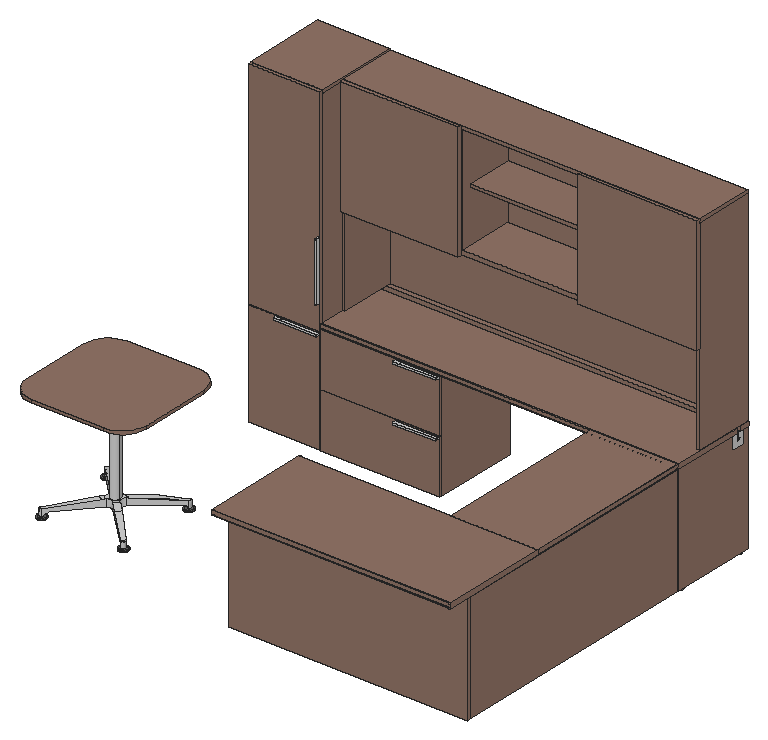
Revit family "FLV007", category Furniture, Revit 2015 (continued)
Definition of nested family "JSI-Flux-File_Ped_Crednz"
  Dimensions and locks (in)
    aligned and locked: Extrusion 1 sketch curve to plane 24  (x2)
    aligned and locked: Extrusion 9 sketch curve to plane 52
    aligned and locked: Extrusion 9 sketch curve to plane 53
    aligned and locked: Extrusion 9 sketch curve to plane 2 "Center (Left/Right)"
    aligned and locked: Extrusion 10 sketch curve to plane 30
    aligned and locked: Extrusion 10 sketch curve to plane 24
    aligned and locked: Extrusion 10 sketch curve to plane 33
    aligned and locked: Extrusion 10 sketch curve to plane 20
    aligned and locked: Extrusion 10 to plane 9
    aligned and locked: plane 13 to Extrusion 10
    aligned and locked: Extrusion 1 sketch curve to plane 6
    aligned and locked: Extrusion 1 sketch curve to plane 20
    aligned and locked: plane 13 to Extrusion 11 sketch curve
    aligned and locked: plane 12 to Extrusion 11 sketch curve
    aligned and locked: plane 22 to Extrusion 11 sketch curve
    aligned and locked: plane 21 to Extrusion 11 sketch curve
    aligned and locked: plane 33 to Extrusion 11
    aligned and locked: Extrusion 11 to plane 30
    aligned and locked: plane 13 to Extrusion 12 sketch curve
    aligned and locked: plane 17 to Extrusion 12 sketch curve
    aligned and locked: plane 21 to Extrusion 12 sketch curve
    aligned and locked: plane 20 to Extrusion 12 sketch curve
    aligned and locked: plane 18 to Extrusion 13 sketch curve
    aligned and locked: plane 12 to Extrusion 13 sketch curve
    aligned and locked: plane 20 to Extrusion 13 sketch curve
    aligned and locked: plane 21 to Extrusion 13 sketch curve
    aligned and locked: plane 33 to Extrusion 13
    aligned and locked: plane 33 to Extrusion 12
    aligned and locked: Extrusion 13 to plane 30
    aligned and locked: Extrusion 12 to plane 30
    aligned and locked: Extrusion 15 sketch curve to plane 42
    aligned and locked: Extrusion 15 sketch curve to plane 11
    aligned and locked: Extrusion 15 sketch curve to plane 41
    aligned and locked: Extrusion 15 sketch curve to plane 12
    aligned and locked: plane 43 to Extrusion 15
    aligned and locked: Extrusion 15 to plane 64
    aligned and locked: Extrusion 16 sketch curve to plane 42
    aligned and locked: Extrusion 16 sketch curve to plane 11
    aligned and locked: Extrusion 16 sketch curve to plane 41
    aligned and locked: Extrusion 16 sketch curve to plane 12
    aligned and locked: plane 63 to Extrusion 16
    aligned and locked: Extrusion 16 to plane 39
    aligned and locked: nested 1 to plane 65
    aligned and locked: nested 3 to plane 65
    aligned and locked: plane 66 to nested 3
    aligned and locked: nested 1 to plane 11  (x2)
    aligned and locked: plane 11 to nested 3
    aligned and locked: nested 3 to plane 11
    aligned and locked: Extrusion 17 sketch curve to plane 35
    aligned and locked: Extrusion 17 sketch curve to plane 27
    aligned and locked: Extrusion 17 sketch curve to plane 57
    aligned and locked: Extrusion 17 sketch curve to plane 58
    aligned and locked: Extrusion 17 to plane 3 "Center (Front/Back)"
    aligned and locked: plane 13 to Extrusion 17
    aligned and locked: Extrusion 18 sketch curve to Extrusion 14  (x9)
    aligned and locked: Extrusion 18 to plane 5
    aligned and locked: plane 40 to Extrusion 18
    aligned and locked: plane 2 "Center (Left/Right)" to curve 6
    aligned and locked: plane 2 "Center (Left/Right)" to curve 5
    aligned and locked: plane 25 to Extrusion 19 sketch curve
    aligned and locked: plane 24 to Extrusion 19 sketch curve
    aligned and locked: plane 12 to Extrusion 19 sketch curve
    aligned and locked: plane 16 to Extrusion 19 sketch curve
    aligned and locked: plane 33 to Extrusion 19
    aligned and locked: Extrusion 19 to plane 30
    aligned and locked: plane 68 to Extrusion 14
    aligned and locked: Extrusion 14 to plane 69
    aligned and locked: plane 70 to Extrusion 2
    aligned and locked: plane 67 to cut or joined group of Extrusion 3, Extrusion 9
    aligned and locked: curve 3 to plane 67
    aligned and locked: plane 67 to Extrusion 9
    aligned and locked: plane 24 to Extrusion 20 sketch curve
    aligned and locked: plane 11 to Extrusion 20 sketch curve
    aligned and locked: plane 6 to Extrusion 20 sketch curve
    aligned and locked: plane 20 to Extrusion 20 sketch curve
    aligned and locked: plane 51 to Extrusion 20 sketch curve
    aligned and locked: plane 16 to Extrusion 20 sketch curve
    aligned and locked: plane 26 to Extrusion 20 sketch curve
    aligned and locked: Extrusion 20 to plane 71
    aligned and locked: plane 74 to Extrusion 20
    aligned and locked: Extrusion 21 sketch curve to plane 72
    aligned and locked: Extrusion 21 sketch curve to plane 73
    aligned and locked: Extrusion 21 sketch curve to plane 9
    aligned and locked: Extrusion 21 sketch curve to plane 13
    aligned and locked: plane 24 to Extrusion 21
    aligned and locked: Extrusion 21 to plane 20
    aligned and locked: plane 55 to Extrusion 9
    aligned and locked: Extrusion 9 to plane 54
    aligned and locked: Extrusion 9 to plane 52
    aligned and locked: plane 53 to Extrusion 9
    aligned and locked: plane 1 to Extrusion 22
    aligned and locked: plane 1 to Extrusion 23
    aligned and locked: plane 20 to Extrusion 23
    aligned and locked: plane 20 to Extrusion 22
    aligned and locked: Extrusion 24 to plane 1
    aligned and locked: plane 20 to Extrusion 24
    aligned and locked: plane 78 to nested 2
    aligned and locked: curve 7 to plane 31
    aligned and locked: curve 8 to plane 30
    aligned and locked: curve 9 to plane 6
    aligned and locked: curve 10 to plane 12
    aligned and locked: curve 11 to plane 33
    aligned and locked: curve 12 to plane 7
    aligned and locked: curve 13 to plane 6
    aligned and locked: curve 14 to plane 12
    aligned and locked: plane 30 to curve 15
    aligned and locked: plane 33 to curve 16
    aligned and locked: plane 33 to curve 15
    aligned and locked: curve 17 to plane 9
    aligned and locked: curve 18 to plane 13
    aligned and locked: curve 19 to plane 72
    aligned and locked: curve 20 to plane 73
    aligned and locked: curve 22 to plane 74
    aligned and locked: curve 23 to plane 6
    aligned and locked: curve 24 to plane 11
    aligned and locked: curve 21 to plane 71
  Automatic sketch dimensions
    plane 14 to Extrusion 4 sketch curve = 0' - 0"
    Extrusion 4 sketch curve to plane 47 = 0' - 0"
    plane 46 to Extrusion 5 sketch curve = 0' - 0"
    Extrusion 5 sketch curve to plane 47 = 0' - 0"
    Extrusion 3 sketch curve to plane 11 = 0' - 0"  (x2)
    Extrusion 3 sketch curve to plane 9 = 0' - 0"  (x2)
    Extrusion 1 sketch curve to plane 15 = 0' - 0"
    Extrusion 1 sketch curve to plane 14 = 0' - 0"
    Extrusion 8 sketch curve to plane 15 = 0' - 0"
    Extrusion 8 sketch curve to plane 14 = 0' - 0"
    Extrusion 8 sketch curve to plane 24 = 0' - 0"  (x2)
    plane 14 to Extrusion 6 sketch curve = 0' - 0"
    Extrusion 6 sketch curve to plane 56 = 0' - 0"
    plane 46 to Extrusion 7 sketch curve = 0' - 0"
    Extrusion 7 sketch curve to plane 56 = 0' - 0"
    Extrusion 14 sketch curve to plane 16 = 0' - 0"
    Extrusion 14 sketch curve to plane 24 = 0' - 0"  (x2)
    Extrusion 14 sketch curve to plane 62 = 0' - 0"
    Extrusion 14 sketch curve to plane 59 = 0' - 0"
    Extrusion 14 sketch curve to plane 60 = 0' - 0"
    Extrusion 14 sketch curve to plane 61 = 0' - 0"
    Extrusion 14 sketch curve to plane 14 = 0' - 0"
    Extrusion 14 sketch curve to plane 26 = 0' - 0"
    Extrusion 14 sketch curve to plane 25 = 0' - 0.13664"  (x2)
    plane 28 to Extrusion 17 sketch curve = 0' - 0 5/8"
    Extrusion 17 sketch curve to Extrusion 17 sketch curve = 0' - 0"
    Extrusion 17 sketch curve to plane 58 = 0' - 1"  (x2)
    plane 53 to curve 6 = 0' - 0"
    plane 52 to curve 5 = 0' - 0"
    plane 4 to Extrusion 9 sketch curve = 5' - 5 7/8"
    Extrusion 20 sketch curve to plane 24 = 0' - 0"
    Extrusion 20 sketch curve to plane 15 = 0' - 0"
    Extrusion 20 sketch curve to plane 14 = 0' - 0"
    plane 14 to Extrusion 22 sketch curve = 0' - 0"
    Extrusion 22 sketch curve to plane 75 = 0' - 0"
    plane 46 to Extrusion 23 sketch curve = 0' - 0"
    Extrusion 23 sketch curve to plane 75 = 0' - 0"
    Extrusion 24 sketch curve to plane 76 = 0' - 0"
    plane 77 to Extrusion 24 sketch curve = 0' - 0"
    plane 13 to curve 16 = 0' - 0"
    plane 9 to curve 15 = 0' - 0"
  Nested families (in)
    nested 1: "Bar Pull C" at (-14.94689, -11.125, 27.48437), Pull Finish <- "Pull Finish", type "PL"
      with Pull Finish none, Stud 0' - 1.54911", Pull Width 0' - 10 27/32"
    nested 2: "Label 1-16" at (-21.00163, -11.25, 0), type "DRWCFG"
    nested 3: "Bar Pull C" at (-14.94689, -11.125, 13.79688), Pull Finish <- "Pull Finish", type "PL"
      with Pull Finish none, Stud 0' - 1.54911", Pull Width 0' - 10 27/32"
  Definition of nested family "Bar Pull C"
    Parameters
      Stud = Pull Width / 7  # 0' - 1.26339"
      Pull Width = 0' - 8 27/32"
      Pull Line [instance] = yes
      Pull Finish [instance] = none
    Reference planes (in)
      plane 1 "Center Front/Back": y = 0
      plane 2: z = 0
      plane 3 "Center Left/Right": x = 3.24213
      plane 4: y = -0.125
    Forms (in)
      Extrusion 1, solid, material <- "Pull Finish"
        sketch origin (0, 0, 0) x (1, 0, 0) y (0, 1, 0)
          loop
            line (-1.17975, 0) -> (-1.17975, -0.85113)
            arc (-1.17975, -0.85113) -> (-1.15229, -0.91742) -> (-1.086, -0.94488) r 0.09375
            line (-1.086, -0.94488) -> (7.58526, -0.94488)
            arc (7.58526, -0.94488) -> (7.64094, -0.92182) -> (7.664, -0.86614) r 0.07874
            line (7.664, -0.86614) -> (7.664, 0) -> (6.40061, 0) -> (6.40061, -0.70177)
            arc (6.40061, -0.70177) -> (6.364, -0.79016) -> (6.27561, -0.82677) r 0.125
            line (6.27561, -0.82677) -> (0.20864, -0.82677)
            arc (0.20864, -0.82677) -> (0.12026, -0.79016) -> (0.08364, -0.70177) r 0.125
            line (0.08364, -0.70177) -> (0.08364, 0) -> (-1.17975, 0)
        from -0.43307 to -0.11811
      Extrusion 2, solid, material <- "Pull Finish"
        sketch origin (0, 0, 0) x (1, 0, 0) y (0, 1, 0)
          loop
            line (-1.17975, 0) -> (-1.17975, -0.85113)
            arc (-1.17975, -0.85113) -> (-1.15229, -0.91742) -> (-1.086, -0.94488) r 0.09375
            line (-1.086, -0.94488) -> (7.58526, -0.94488)
            arc (7.58526, -0.94488) -> (7.64094, -0.92182) -> (7.664, -0.86614) r 0.07874
            line (7.664, -0.86614) -> (7.664, 0) -> (-1.17975, 0)
        from 0 to -0.11811
    Cuts and joins
      joined: Extrusion 1, Extrusion 2
    Lines and regions (in)
      symbolic lines, visible <- "Pull Line"
        curve 1: line (-1.17975, -0.125, 0) -> (-1.17975, -0.85113, 0)
        curve 2: line (7.664, -0.86614, 0) -> (7.664, -0.125, 0)
        curve 3: line (-1.086, -0.94488, 0) -> (7.58526, -0.94488, 0)
        curve 4: arc (-1.17975, -0.85113, 0) -> (-1.15229, -0.91742, 0) -> (-1.086, -0.94488, 0) r 0.09375
        curve 5: arc (7.58526, -0.94488, 0) -> (7.64094, -0.92182, 0) -> (7.664, -0.86614, 0) r 0.07874
    Dimensions and locks (in)
      equal spacing: Extrusion 1 sketch curve, plane 3 "Center Left/Right", Extrusion 1 sketch curve
      "Stud": Extrusion 1 sketch curve to Extrusion 1 sketch curve  (x2)
      "Pull Width": Extrusion 1 sketch curve to Extrusion 1 sketch curve
      locked: plane 4 to plane 1 "Center Front/Back" at 0.125
      aligned and locked: level to plane 2
      aligned and locked: Extrusion 2 sketch curve to Extrusion 1  (x2)
      aligned and locked: cut or joined group of Extrusion 1, Extrusion 2 to curve 1
      aligned and locked: curve 4 to cut or joined group of Extrusion 1, Extrusion 2
      aligned and locked: curve 5 to cut or joined group of Extrusion 1, Extrusion 2
      aligned and locked: plane 4 to curve 1
      aligned and locked: plane 4 to curve 2
    Automatic sketch dimensions
      plane 1 "Center Front/Back" to Extrusion 2 sketch curve = 0' - 0"
      plane 1 "Center Front/Back" to Extrusion 1 sketch curve = 0' - 0"  (x2)
      Extrusion 1 sketch curve to Extrusion 1 sketch curve = 0' - 0 3/32"
      Extrusion 1 sketch curve to Extrusion 1 sketch curve = 0' - 0 1/8"  (x2)
      Extrusion 1 sketch curve to Extrusion 1 sketch curve = 0' - 0.07874"
      plane 4 to Extrusion 1 sketch curve = 0' - 0.57677"
      plane 4 to Extrusion 1 sketch curve = 0' - 0.72613"
  Definition of nested family "Label 1-16"
    Parameters
      Model Name = "LOW DOOR"
    Reference planes (in)
      plane 1: y = 0
      plane 2: x = 0
    Text (in)
      label "XX" at (0.00051, -0.12324, 0), shows "Model Name"
Definition of nested family "JSI-Flux-Dbl_Ht_OH_Cab_Sldng_Dr"
  Parameters (values of type "Type Catalog - Dbl Ht Strg OH Cab, Sldng Dr")
    Wiring Hole Dist = if(Door Adjust > 3, 1' 6", 0' 9")  # 1' - 6"
    Top = none
    Width = 7' - 11 7/8"
    URL = "www.jsifurniture.com"
    Type Comments = ""
    TAG = if(Width > 6' 6", "1 Door - Open - 1 Door", "1 Door - Open")  # "1 Door - Open - 1 Door"
    Shelf Width_L = ((Partition Distance_L) - 0' 0 3/4")  # 2' - 6 13/16"
    Shelf Width_R = ((Partition Distance_L) - 0' 0 3/4")  # 2' - 6 13/16"
    Shelf Dist_R = if(Door Adjust = 6, (Shelf Width_L + Shelf Width_Central + (0' 0 3/4" * 3)), (Shelf Width_L + (0' 0 3/4" * 2)))  # 5' - 4 5/16"
    Shelf Dist_L = 0' - 0 3/4"
    Shelf Dist_C = if(Door Adjust = 6, (Partition Distance_L + 0' 0 3/4"), (if(Door Adjust = 4, 0' 0 3/4", (Partition Distance_L + 0' 0 3/4"))))  # 2' - 8 5/16"
    Shelf = none
    Series = "FLUX"  # constant formula
    Part-R = yes
    Part-L = yes
    Partition Distance_R = if(Door Adjust > 4, ((Door Adjust Width * 2) + 0' 0 1/8" - 0' 0 5/16"), ((Width / 2) - 0' 0 3/8"))  # 2' - 7 9/16"
    Partition Distance_L = if(Door Adjust > 4, ((Door Adjust Width * 2) + 0' 0 1/8" - 0' 0 5/16"), ((Width / 2) - 0' 0 3/8"))  # 2' - 7 9/16"
    OH Elevation = 2' - 5"
    Model = ""
    Manufacturer = "JSI"  # constant formula
    Level of Base Shelve = 1' - 11"
    Keynote = "12500"
    JSI Enviromental Website = "http://www.jsifurniture.com/jsi_sustainability_intro.php"
    Height = 4' - 4"
    Door Width = Partition Distance_L + 0' 0 5/16"  # 2' - 7 7/8"
    Door Array Dist = if(Door Adjust > 4, Shelf Dist_R - 0' 0 5/16", 0' 0")  # 5' - 4"
    Door Adjust Width = (Width - (0' 0 1/8" * (Door Adjust - 1))) / Door Adjust  # 1' - 3 7/8"
    Shelf Width_Central = if(Door Adjust > 4, (Width - (Shelf Width_L * 2) - 0' 3"), Shelf Width_L)  # 2' - 7 1/4"
    Back Panel = none
    Door Front = none
    Description = ""
    Depth = 1' - 3 7/8"
    Chassis = none
    Assembly Code = "E2020200"
    Door Adjust = if(Width > 6' 6", 6, if(Width > 4' 6", 4, (if(Width > 3' 0", 3, 2))))  # 6
    # of Doors = 2
  Reference planes (in)
    plane 1: z = 0
    plane 2 "Center (Left/Right)": x = -36.06413
    plane 3 "Center (Front/Back)": y = 10.75
    plane 4: y = 10
    plane 5: x = -35.31413
    plane 6: x = 59.81087
    plane 7: x = 59.06087
    plane 8: x = -4.50163
    plane 9: x = -3.75163
    plane 10: x = 28.24837
    plane 11: x = 27.49837
    plane 12: y = -5.0625
    plane 13: y = -4.3125
    plane 14: y = -4.25
    plane 15: y = -2.0625
    plane 16: y = -5.125
    plane 17: x = 11.87337
    plane 18: z = 29
    plane 19: z = 52
    plane 20: z = 53.1875
    plane 21: z = 51.75
    plane 22: z = 66.34375
    plane 23: z = 67.09375
    plane 24: z = 80.25
    plane 25: z = 81
    plane 26: z = 66.71875
    plane 27: y = 9.9375
    plane 28: y = 10.6875
    plane 29: x = -20.18913
    plane 30: x = -20.06413
    plane 31: z = 51.5
    plane 32: x = -35.31413
    plane 33: x = -4.50163
    plane 34: x = -3.75163
    plane 35: x = 28.24837
    plane 36: x = 27.49837
    plane 37: x = 59.06087
    plane 38: x = -18.06413
    plane 39: x = 41.81087
    plane 40: x = 43.93587
    plane 41: x = 43.81087
  Forms (in)
    Extrusion 1, solid, material <- "Chassis"
      sketch origin (0, 0, 0) x (1, 0, 0) y (0, 1, 0)
        loop
          line (-36.06413, 10.75) -> (-36.06413, -4.25) -> (-35.31413, -4.25) -> (-35.31413, 10.75) -> (-36.06413, 10.75)
      from 29 to 80.25
    Extrusion 2, solid, material <- "Chassis"
      sketch origin (0, 0, 0) x (1, 0, 0) y (0, 1, 0)
        loop
          line (59.06087, 10.75) -> (59.06087, -4.25) -> (59.81087, -4.25) -> (59.81087, 10.75) -> (59.06087, 10.75)
      from 29 to 80.25
    Extrusion 3, solid, material <- "Top"
      sketch origin (0, 0, 0) x (1, 0, 0) y (0, 0, 1)
        loop
          line (-36.06413, 80.25) -> (59.81087, 80.25) -> (59.81087, 81) -> (-36.06413, 81) -> (-36.06413, 80.25)
      from -10.75 to 4.25
    Extrusion 4, solid, material <- "Shelf"
      sketch origin (0, 0, 0) x (1, 0, 0) y (0, 0, 1)
        loop
          line (-35.31413, 53.1875) -> (-35.31413, 52) -> (59.06087, 52) -> (59.06087, 53.1875) -> (-35.31413, 53.1875)
      from -9.9375 to 4.25
    Extrusion 5, solid, material <- "Shelf"
      sketch origin (15.13982, 0, 0) x (1, 0, 0) y (0, 0, 1)
        loop
          line (-50.45396, 67.09375) -> (-50.45396, 66.34375) -> (-19.64146, 66.34375) -> (-19.64146, 67.09375) -> (-50.45396, 67.09375)
      from -9.9375 to 2.0625
    Extrusion 6, solid, material <- "Shelf"
      sketch origin (15.13982, 0, 0) x (1, 0, 0) y (0, 0, 1)
        loop
          line (-18.89146, 67.09375) -> (-18.89146, 66.34375) -> (12.35854, 66.34375) -> (12.35854, 67.09375) -> (-18.89146, 67.09375)
      from -9.9375 to 2.0625
    Extrusion 7, solid, material <- "Shelf"
      sketch origin (15.13982, 0, 0) x (1, 0, 0) y (0, 0, 1)
        loop
          line (13.10854, 67.09375) -> (13.10854, 66.34375) -> (43.92104, 66.34375) -> (43.92104, 67.09375) -> (13.10854, 67.09375)
      from -9.9375 to 2.0625
    Extrusion 8, solid, material <- "Back Panel"
      sketch origin (0, 0, 0) x (1, 0, 0) y (0, 0, 1)
        loop
          line (-35.31413, 80.25) -> (-35.31413, 29) -> (59.06087, 29) -> (59.06087, 80.25) -> (-35.31413, 80.25)
        loop
          circle (-18.06413, 51.5) r 0.3125
        loop
          circle (41.81087, 51.5) r 0.3125
      from -10.75 to -9.9375
    Extrusion 9, solid, material <- "Chassis", visible <- "Part-L"
      sketch origin (0, 0, 0) x (1, 0, 0) y (0, 1, 0)
        loop
          line (-4.50163, 9.9375) -> (-4.50163, -4.25) -> (-3.75163, -4.25) -> (-3.75163, 9.9375) -> (-4.50163, 9.9375)
      from 53.1875 to 80.25
    Extrusion 10, solid, material <- "Chassis", visible <- "Part-R"
      sketch origin (0, 0, 0) x (1, 0, 0) y (0, 1, 0)
        loop
          line (27.49837, 9.9375) -> (27.49837, -4.25) -> (28.24837, -4.25) -> (28.24837, 9.9375) -> (27.49837, 9.9375)
      from 53.1875 to 80.25
    Extrusion 11, solid, material <- "Door Front"
      sketch origin (16, 0, 0) x (1, 0, 0) y (0, 0, 1)
        loop
          line (-52.06413, 81) -> (-52.06413, 51.75) -> (-20.18913, 51.75) -> (-20.18913, 81) -> (-52.06413, 81)
      from 4.3125 to 5.125
    Extrusion 12, solid, material <- "Door Front"
      sketch origin (80, 0, 0) x (1, 0, 0) y (0, 0, 1)
        loop
          line (-52.06413, 81) -> (-52.06413, 51.75) -> (-20.18913, 51.75) -> (-20.18913, 81) -> (-52.06413, 81)
      from 4.3125 to 5.125
  Lines and regions (in)
    symbolic lines
      curve 1: line (-36.06413, 10.75, 0) -> (-36.06413, -4.25, 0)
      curve 2: line (59.81087, 10.75, 0) -> (-36.06413, 10.75, 0)
      curve 3: line (59.81087, 10.75, 0) -> (59.81087, -4.25, 0)
      curve 4: line (59.81087, -4.25, 0) -> (-36.06413, -4.25, 0)
      curve 5: line (-36.06413, -4.3125, 0) -> (-36.06413, -5.125, 0)
      curve 6: line (-4.18913, -4.3125, 0) -> (-36.06413, -4.3125, 0)
      curve 7: line (-4.18913, -5.125, 0) -> (-36.06413, -5.125, 0)
      curve 8: line (-4.18913, -5.125, 0) -> (-4.18913, -4.3125, 0)
      curve 9: line (27.93587, -4.3125, 0) -> (27.93587, -5.125, 0)
      curve 10: line (59.81087, -4.3125, 0) -> (27.93587, -4.3125, 0)
      curve 11: line (59.81087, -5.125, 0) -> (27.93587, -5.125, 0)
      curve 12: line (59.81087, -5.125, 0) -> (59.81087, -4.3125, 0)
    symbolic lines, detail levels medium+fine
      curve 13: line (59.06087, 10.6875, 0) -> (59.06087, -4.25, 0)
      curve 14: line (-35.31413, 10.6875, 0) -> (-35.31413, -4.25, 0)
      curve 15: line (59.06087, 9.9375, 0) -> (-35.31413, 9.9375, 0)
      curve 16: line (59.06087, 10.6875, 0) -> (-35.31413, 10.6875, 0)
    symbolic lines, visible <- "Part-L", detail levels medium+fine
      curve 17: line (-3.75163, -4.25, 0) -> (-3.75163, 9.9375, 0)
      curve 18: line (-3.75163, 9.9375, 0) -> (-4.50163, 9.9375, 0)
      curve 19: line (-4.50163, 9.9375, 0) -> (-4.50163, -4.25, 0)
      curve 20: line (-4.50163, -4.25, 0) -> (-3.75163, -4.25, 0)
    symbolic lines, visible <- "Part-R", detail levels medium+fine
      curve 21: line (28.24837, -4.25, 0) -> (28.24837, 9.9375, 0)
      curve 22: line (28.24837, 9.9375, 0) -> (27.49837, 9.9375, 0)
      curve 23: line (27.49837, 9.9375, 0) -> (27.49837, -4.25, 0)
      curve 24: line (27.49837, -4.25, 0) -> (28.24837, -4.25, 0)
  Dimensions and locks (in)
    "Width": plane 2 "Center (Left/Right)" to plane 6
    "Depth": plane 16 to plane 3 "Center (Front/Back)"
    locked: plane 4 to plane 3 "Center (Front/Back)" at 0.75
    plane 12 to plane 13 to plane 14 to plane 15 = 0' - 0 3/4" locked, 0' - 0 1/16" locked, 0' - 2 3/16" locked
    locked: plane 16 to plane 12 at 0.0625
    locked: plane 2 "Center (Left/Right)" to plane 5 at 0.75
    locked: plane 8 to plane 9 at 0.75
    locked: plane 11 to plane 10 at 0.75
    locked: plane 7 to plane 6 at 0.75
    equal spacing: plane 2 "Center (Left/Right)", plane 17, plane 6
    "Height": plane 25 to plane 18
    "OH Elevation": plane 18 to plane 1
    locked: plane 25 to plane 24 at 0.75
    locked: plane 23 to plane 22 at 0.75
    locked: plane 20 to plane 19 at 1.1875
    "Level of Base Shelve": plane 19 to plane 18
    plane 19 to plane 21 to plane 31 = 0' - 0 1/4" locked, 0' - 0 1/4" locked
    equal spacing: plane 24, plane 26, plane 20
    locked: plane 23 to plane 26 at 0.375
    locked: plane 28 to plane 3 "Center (Front/Back)" at 0.0625
    locked: plane 27 to plane 4 at 0.0625
    "Partition Distance_L": plane 2 "Center (Left/Right)" to plane 8
    "Partition Distance_R": plane 10 to plane 6
    "Shelf Width_L": plane 32 to plane 33
    "Shelf Width_R": plane 35 to plane 37
    "Shelf Width_Central": plane 34 to plane 36
    "Shelf Dist_L": plane 2 "Center (Left/Right)" to plane 32
    "Shelf Dist_C": plane 2 "Center (Left/Right)" to plane 34
    "Shelf Dist_R": plane 2 "Center (Left/Right)" to plane 35
    equal spacing: group 1, group 2, group 5, group 6, group 7, group 8  (x3)
    "Wiring Hole Dist": plane 2 "Center (Left/Right)" to plane 38
    "Wiring Hole Dist": plane 39 to plane 6
    "Door Width": Extrusion 11 sketch curve to Extrusion 11 sketch curve
    "Door Width": Extrusion 12 sketch curve to Extrusion 12 sketch curve
    group 3 to group 4 = 5' - 4"
    group 3 to group 4 = 0' - 0"  (x2)
    "Door Array Dist": Extrusion 11 to Extrusion 12
    radius of Extrusion 8 sketch curve = 0' - 0 5/16"  (x2)
    aligned and locked: level to plane 1
    aligned and locked: Extrusion 1 sketch curve to plane 2 "Center (Left/Right)"
    aligned and locked: Extrusion 1 sketch curve to plane 5
    aligned and locked: Extrusion 1 sketch curve to plane 3 "Center (Front/Back)"
    aligned and locked: Extrusion 1 sketch curve to plane 14
    aligned and locked: Extrusion 2 sketch curve to plane 7
    aligned and locked: Extrusion 2 sketch curve to plane 6
    aligned and locked: Extrusion 2 sketch curve to plane 3 "Center (Front/Back)"
    aligned and locked: Extrusion 2 sketch curve to plane 14
    aligned and locked: plane 24 to Extrusion 1
    aligned and locked: plane 24 to Extrusion 2
    aligned and locked: Extrusion 1 to plane 18
    aligned and locked: Extrusion 2 to plane 18
    aligned and locked: Extrusion 3 sketch curve to plane 24
    aligned and locked: Extrusion 3 sketch curve to plane 25
    aligned and locked: Extrusion 3 sketch curve to plane 2 "Center (Left/Right)"
    aligned and locked: Extrusion 3 sketch curve to plane 6
    aligned and locked: Extrusion 4 sketch curve to plane 20
    aligned and locked: Extrusion 4 sketch curve to plane 19
    aligned and locked: Extrusion 4 sketch curve to plane 5
    aligned and locked: Extrusion 4 sketch curve to plane 7
    aligned and locked: Extrusion 3 to plane 3 "Center (Front/Back)"
    aligned and locked: plane 14 to Extrusion 3
    aligned and locked: Extrusion 4 to plane 27
    aligned and locked: plane 14 to Extrusion 4
    aligned and locked: Extrusion 5 sketch curve to plane 23
    aligned and locked: Extrusion 5 sketch curve to plane 22
    aligned and locked: Extrusion 6 sketch curve to plane 23
    aligned and locked: Extrusion 6 sketch curve to plane 22
    aligned and locked: Extrusion 7 sketch curve to plane 23
    aligned and locked: Extrusion 8 sketch curve to plane 24
    aligned and locked: Extrusion 8 sketch curve to plane 5
    aligned and locked: Extrusion 8 sketch curve to plane 7
    aligned and locked: Extrusion 8 sketch curve to plane 18
    aligned and locked: plane 27 to Extrusion 8
    aligned and locked: Extrusion 9 sketch curve to plane 8
    aligned and locked: Extrusion 9 sketch curve to plane 9
    aligned and locked: Extrusion 9 sketch curve to plane 27
    aligned and locked: Extrusion 9 sketch curve to plane 14
    aligned and locked: Extrusion 10 sketch curve to plane 11
    aligned and locked: Extrusion 10 sketch curve to plane 10
    aligned and locked: Extrusion 10 sketch curve to plane 27
    aligned and locked: Extrusion 10 sketch curve to plane 14
    aligned and locked: plane 24 to Extrusion 9
    aligned and locked: Extrusion 9 to plane 20
    aligned and locked: plane 24 to Extrusion 10
    aligned and locked: Extrusion 10 to plane 20
    aligned and locked: Extrusion 5 to plane 27
    aligned and locked: plane 15 to Extrusion 5
    aligned and locked: Extrusion 6 to plane 27
    aligned and locked: plane 15 to Extrusion 6
    aligned and locked: plane 15 to Extrusion 7
    aligned and locked: Extrusion 7 to plane 27
    aligned and locked: plane 32 to Extrusion 5
    aligned and locked: plane 33 to Extrusion 5
    aligned and locked: plane 34 to Extrusion 6
    aligned and locked: plane 36 to Extrusion 6
    aligned and locked: plane 35 to Extrusion 7
    aligned and locked: plane 37 to Extrusion 7
    aligned and locked: plane 17 to nested 1
    aligned and locked: plane 12 to nested 1
    aligned and locked: curve 1 to plane 2 "Center (Left/Right)"
    aligned and locked: curve 2 to plane 3 "Center (Front/Back)"
    aligned and locked: curve 3 to plane 6
    aligned and locked: curve 4 to plane 14
    aligned and locked: plane 16 to Extrusion 11
    aligned and locked: Extrusion 11 to plane 13
    aligned and locked: Extrusion 11 to plane 2 "Center (Left/Right)"
    aligned and locked: curve 8 to Extrusion 11
    aligned and locked: curve 12 to Extrusion 12
    aligned and locked: curve 5 to Extrusion 11
    aligned and locked: curve 9 to Extrusion 12
    aligned and locked: plane 37 to curve 15
    aligned and locked: plane 32 to curve 15
    aligned and locked: curve 15 to plane 27
    aligned and locked: plane 32 to curve 16
    aligned and locked: plane 37 to curve 16
    aligned and locked: curve 17 to Extrusion 9
    aligned and locked: curve 18 to Extrusion 9
    aligned and locked: curve 19 to Extrusion 9
    aligned and locked: curve 20 to Extrusion 9
    aligned and locked: curve 21 to Extrusion 10
    aligned and locked: curve 22 to Extrusion 10
    aligned and locked: curve 23 to Extrusion 10
    aligned and locked: curve 24 to Extrusion 10
  Automatic sketch dimensions
    Extrusion 7 sketch curve to plane 22 = 0' - 0"
    plane 7 to Extrusion 7 sketch curve = 0' - 0"
    plane 8 to Extrusion 5 sketch curve = 0' - 0"
    Extrusion 6 sketch curve to plane 9 = 0' - 0"
    plane 11 to Extrusion 6 sketch curve = 0' - 0"
    plane 10 to Extrusion 7 sketch curve = 0' - 0"
    plane 5 to Extrusion 5 sketch curve = 0' - 0"
    Extrusion 8 sketch curve to plane 31 = 0' - 0"  (x2)
    Extrusion 8 sketch curve to plane 38 = 0' - 0"
    Extrusion 8 sketch curve to plane 39 = 0' - 0"
    Extrusion 11 sketch curve to Extrusion 11 sketch curve = 2' - 5 1/4"
    Extrusion 12 sketch curve to Extrusion 12 sketch curve = 2' - 5 1/4"
    curve 5 to curve 8 = 2' - 7 7/8"
    curve 8 to curve 8 = 0' - 0 13/16"
    curve 9 to curve 12 = 2' - 7 7/8"
    curve 12 to curve 12 = 0' - 0 13/16"
    plane 14 to curve 13 = 0' - 0"
    plane 14 to curve 14 = 0' - 0"
    plane 28 to curve 14 = 0' - 0"
  Nested families (in)
    nested 1: "Label 1-16 OH" at (11.87337, -5.0625, 0), type "OH DOORS"
  Definition of nested family "Label 1-16 OH"
    Parameters
      Width = 0' - 1"
      Model Name = "6 Doors"
    Reference planes (in)
      plane 1: y = 0
      plane 2: x = 0
    Text (in)
      label "XX" at (0.00051, -0.12324, 0), shows "Model Name"
Definition of nested family "JSI-Flux-Wb_Pm_Ht"
  Parameters (values of type "Type Catalog - Wb, Pm Ht")
    W = no
    V_Void_Dist = if(F, 0' 0", (if(W, (if(F7, (if(Width > 1' 7", 0' 0", 0' 2")), 0' 2")), 0' 2")))  # 0' - 0"
    V_Pull_Width = if(Height > 5' 10", 1' 2 27/32", 0' 10 27/32")  # 1' - 2 27/32"
    V_Pull_R_R = if(FD, (if(L, 1 > 2, 2 > 1)), (if(F, 1 > 2, (if(W, 1 > 2, 2 > 1)))))  # no
    V_Pull_R_L = if(FD, (if(L, 2 > 1, 1 > 2)), (if(F, (if(F0, (if(L, 1 > 2, 2 > 1)), 2 > 1)), 1 > 2)))  # yes
    V_Pull_L_R = if(FD, 1 > 2, (if(F, (if(F0, (if(L, 2 > 1, 1 > 2)), 2 > 1)), (if(W, (if(L, 1 > 2, (if(Width > 2' 1", 1 > 2, (if(F0, 1 > 2, 2 > 1)))))), 1 > 2)))))  # no
    V_Pull_L_L = if(FD, 1 > 2, (if(F, 1 > 2, (if(W, (if(Width > 2' 1", (if(F0, 1 > 2, 2 > 1)), (if(L, (if(F0, 1 > 2, 2 > 1)), 1 > 2)))), 2 > 1)))))  # no
    Top_V_Void_Dist = if(W, (if(Width > 2' 1", 0' 0", 0' 2")), 0' 2")  # 0' - 2"
    Top_Pull_Dist = if(W, (if(Width > 2' 1", (if(F7, ((Width / 2) - 0' 0 7/32" - Pull_Width), ((Width / 2) - (Pull_Width / 2)))), (if(F0, (if(F1, ((Width / 2) - (Pull_Width / 2)), (if(F2, ((Width / 2) - (Pull_Width / 2)), (if(L, (0' 0 1/4" + 0' 0 1/16"), (Width - 0' 0 1/4" - 0' 0 1/16" - Pull_Width))))))), (if(L, (0' 0 1/4" + 0' 0 1/16"), (Width - 0' 0 1/4" - 0' 0 1/16" - Pull_Width))))))), (if(L, Partition Dist + 0' 0 1/16" + 0' 0 7/32", Partition Dist + 0' 0 11/16" - 0' 0 7/32" - Pull_Width)))  # 0' - 0 29/32"
    Top_Pull = if(F1, 2 > 1, (if(F2, 2 > 1, (if(F7, 2 > 1, 1 > 2)))))  # yes
    Top_2_Pull_Dist = if(W, (if(F7, (if(Width > 1' 6", ((Width / 2) + 0' 0 1/16" + 0' 0 7/32"), Width + 0' 2")), Width + 0' 2")), Width + 0' 2")  # 1' - 8 1/16"
    Top_2_Pull = if(W, (if(F7, (if(Width > 2' 1", 2 > 1, 1 > 2)), 1 > 2)), 1 > 2)  # no
    R_Vertical_Pull_Dist = if(FD, (if(L, 0' 0 1/32" + 0' 0 1/16" + 0' 0 7/32", (Width - 0' 0 1/32" - 0' 0 1/16" - 0' 0 7/32"))), L_Vertical_Pull_Dist + 0' 0 7/16" + 0' 0 1/8")  # 1' - 0 5/16"
    Pull_Width = if(Width > 2' 1", (if(F7, 0' 10 27/32", 1' 2 3/4")), 0' 10 27/32")  # 0' - 10 27/32"
    Partition = if(FD, 1 > 2, (if(W, 1 > 2, 2 > 1)))  # yes
    L_Vertical_Pull_Dist = (if(W, (if(Width > 2' 1", ((Width / 2) + 0' 0 1/16" + 0' 0 7/32"), (if(L, 0' 0 1/16" + 0' 0 7/32", Width - 0' 0 1/16" - 0' 0 7/32")))), (if(L, Partition Dist - 0' 0 7/32" - 0' 0 1/16", Partition Dist + 0' 0 3/4" - 0' 0 7/32" - 0' 0 1/16"))))  # 0' - 11 3/4"
    Hngr_R = if(W, 1 > 2, (if(FD, 1 > 2, (if(L, 2 > 1, 1 > 2)))))  # no
    Hngr_L = if(W, 1 > 2, (if(FD, 1 > 2, (if(L, 1 > 2, 2 > 1)))))  # yes
    Hanger_Dist = if(L, Partition Dist + 0' 0 3/4", Partition Dist)  # 0' - 11 9/32"
    H_Void_Width = if(F, Top_Shelf_Width + 0' 1 1/2", Width)  # 1' - 0"
    H_Void_Upper_Dist = if(F0, 0' 0", 0' 2")  # 0' - 0"
    H_Void_Top_Dist = if(FD, 0' 2", 0' 0")  # 0' - 0"
    H_Void_H_Dist = if(F, (if(L, Partition Dist + 0' 0 1/16", 0' 0")), 0' 0")  # 0' - 0"
    H_Void_C_Dist = if(F1, 0' 0", 0' 2")  # 0' - 0"
    H_Void_Bottom_Dist = if(F1, 0' 0", (if(F2, 0' 0", 0' 2")))  # 0' - 0"
    H_Dist_V_Void = if(F, (if(L, Partition Dist - 0' 0 1/16", Partition Dist + 0' 0 3/4" - 0' 0 1/16")), (Width / 2) - 0' 0 1/16")  # 0' - 11 31/32"
    H_Dist_C_Panel = if(F, (if(L, Partition Dist - 0' 0 1/32", 0' 0")), 0' 0")  # 0' - 0"
    Top_Shelf_Width = C_Shelf_Width  # 0' - 10 1/2"
    Top_Shelf_Dist = (Height - 0' 0 5/16" - 0' 1 1/2" - 0' 1 3/16") / 4.75  # 1' - 4.46711"
    Top_Shelf_Array_Dist = (Height - 0' 0 5/16" - 0' 1 1/2" - 0' 1 3/16") / 5.5  # 1' - 2.22159"
    Top = none
    Width = 1' - 6 1/16"
    URL = "www.jsifurniture.com"
    Type Comments = ""
    TAG = if(FD, "1Door", (if(F1, "BBF", (if(F2, "FF", (if(Width < 2' 1", "1 Door", "2 Doors")))))))  # "BBF"
    Shelf = none
    Series = "FLUX"  # constant formula
    Pull Finish = none
    Partition Dist = if(L, 0' 6 1/32", Width - 0' 6 1/32" - 0' 0 3/4")  # 0' - 11 9/32"
    Model = ""
    Manufacturer = "JSI"  # constant formula
    L = no
    Keynote = "12500"
    JSI Enviromental Website = "http://www.jsifurniture.com/jsi_sustainability_intro.php"
    Height = 6' - 9 7/32"
    H_Dist_Top_Shelf = if(F, (if(L, Partition Dist + 0' 0 3/4", 0' 0 3/4" + 0' 0 1/32")), 0' 0 3/4" + 0' 0 1/32")  # 0' - 0 25/32"
    H_Dist_Bottom_Shelf = if(F, (if(L, 0' 0", Width - Bottom_Shelf_Width - 0' 0 1/16" - 0' 1 1/2")), 0' 0")  # 0' - 11 1/4"
    Glides = none
    FD = no
    F7 = yes
    F2 = yes
    F1 = yes
    F0 = yes
    F = yes
    Door Line = if(W, (if(Width > 2' 1", (if(F0, (if(F7, 2 > 1, 1 > 2)), 2 > 1)), 1 > 2)), 1 > 2)  # no
    C_Shelf_Width = if(F, Width - 0' 6 1/32" - 0' 1 1/2" - 0' 0 1/32", Width - 0' 0 1/16" - 0' 1 1/2")  # 0' - 10 1/2"
    C_Pull_Dist = Top_Pull_Dist  # 0' - 0 29/32"
    C_Pull = if(F1, 2 > 1, 1 > 2)  # yes
    Bottom_Shelf_Width = if(F, 0' 5 1/4", (Width - 0' 0 1/16" - 0' 1 1/2"))  # 0' - 5 1/4"
    Bottom_Shelf_ Dist = if(FD, 1' 7", 2' 1")  # 2' - 1"
    Bottom_Pull_Dist = Top_Pull_Dist  # 0' - 0 29/32"
    Bottom Pull = if(F1, 2 > 1, (if(F2, 2 > 1, 1 > 2)))  # yes
    Back Panel = none
    Door Front = none
    Description = ""
    Depth = 1' - 9 13/16"
    Chassis = none
    Assembly Code = "E2020200"
    # of Top Shelf = if(Height > 5' 10", 3, 2)  # 3
  Reference planes (in)
    plane 1: z = 0
    plane 2 "Center (Left/Right)": x = -36.06413
    plane 3 "Center (Front/Back)": y = 10.75
    plane 4: x = -18.00163
    plane 5: x = -36.03288
    plane 6: x = -18.03288
    plane 7: y = 10.71875
    plane 8: y = -10.28125
    plane 9: x = -35.28288
    plane 10: x = -18.78288
    plane 11: x = -27.03288
    plane 12: z = 81.21875
    plane 13: z = 0.3125
    plane 14: z = 1.5
    plane 15: z = 2.25
    plane 16: z = 80.46875
    plane 17: y = 10.65625
    plane 18: y = 9.90625
    plane 19: y = 5.90625
    plane 20: y = -10.25
    plane 21: y = -6.25
    plane 22: x = -34.28288
    plane 23: x = -19.78288
    plane 24: y = -9.25
    plane 25: y = 8.90625
    plane 26: y = -11.0625
    plane 27: z = 0.4375
    plane 28: x = -35.97038
    plane 29: x = -18.09538
    plane 30: x = -27.09538
    plane 31: x = -26.97038
    plane 32: z = 81.09375
    plane 33: z = 26.5
    plane 34: z = 27.25
    plane 35: z = 14.375
    plane 36: z = 14.75
    plane 37: z = 14
    plane 38: z = 68.46875
    plane 39: z = 67.71875
    plane 40: y = -10.3125
    plane 41: y = -10.3125
    plane 42: y = -11.3125
    plane 43: y = -10.3125
    plane 44: y = -11.3125
    plane 45: y = -10.3125
    plane 46: y = -11.3125
    plane 47: y = -10.3125
    plane 48: y = -11.3125
    plane 49: z = 26.9375
    plane 50: z = 27.0625
    plane 51: z = 1.625
    plane 52: z = 14.28125
    plane 53: z = 14.34375
    plane 54: z = 14.21875
    plane 55: x = -24.78288
    plane 56: x = -24.03288
    plane 57: x = -24.09538
    plane 58: x = -23.97038
    plane 59: z = 20.64063
    plane 60: z = 20.70313
    plane 61: z = 20.57813
    plane 62: x = -36.06413
    plane 63: x = -24.06413
    plane 64: y = -10.3125
    plane 65: y = -11.3125
    plane 66: x = -24.78288
    plane 67: y = -0.15625
    plane 68: z = 77.59375
    plane 69: x = -35.15788
    plane 70: x = -35.15788
    plane 71: x = -35.15788
    plane 72: z = 26.73438
    plane 73: z = 20.375
    plane 74: z = 14.01563
    plane 75: x = -24.31413
    plane 76: x = -23.75163
    plane 77: z = 40.76563
    plane 78: x = -16.00163
    plane 79: y = -12.3125
    plane 80: y = -13.3125
  Forms (in)
    Extrusion 1, solid, material <- "Chassis"
      sketch origin (0, 0, 0) x (1, 0, 0) y (0, 1, 0)
        loop
          line (-36.03288, 10.71875) -> (-36.03288, -10.25) -> (-35.28288, -10.25) -> (-35.28288, 10.71875) -> (-36.03288, 10.71875)
      from 0.3125 to 80.46875
    Extrusion 2, solid, material <- "Chassis"
      sketch origin (0, 0, 0) x (1, 0, 0) y (0, 1, 0)
        loop
          line (-18.03288, 10.71875) -> (-18.78288, 10.71875) -> (-18.78288, -10.25) -> (-18.03288, -10.25) -> (-18.03288, 10.71875)
      from 0.3125 to 80.46875
    Extrusion 3, solid, material <- "Back Panel"
      sketch origin (0, 0, 0) x (1, 0, 0) y (0, 1, 0)
        loop
          line (-18.78288, 10.65625) -> (-35.28288, 10.65625) -> (-35.28288, 9.90625) -> (-18.78288, 9.90625) -> (-18.78288, 10.65625)
      from 0.3125 to 80.46875
    Extrusion 4, solid, material <- "Top"
      sketch origin (0, 0, 0) x (0, 1, 0) y (0, 0, 1)
        loop
          line (10.75, 81.21875) -> (-10.28125, 81.21875) -> (-10.28125, 80.46875) -> (10.75, 80.46875) -> (10.75, 81.21875)
      from -36.06413 to -18.00163
    Extrusion 5, solid, material <- "Chassis"
      sketch origin (0, 0, 0) x (0, 1, 0) y (0, 0, 1)
        loop
          line (9.90625, 1.5) -> (5.90625, 1.5) -> (5.90625, 0.3125) -> (9.90625, 0.3125) -> (9.90625, 1.5)
      from -35.28288 to -18.78288
    Extrusion 6, solid, material <- "Chassis"
      sketch origin (0, 0, 0) x (0, 1, 0) y (0, 0, 1)
        loop
          line (-6.25, 1.5) -> (-10.25, 1.5) -> (-10.25, 0.3125) -> (-6.25, 0.3125) -> (-6.25, 1.5)
      from -35.28288 to -18.78288
    Extrusion 7, solid, material <- "Shelf"
      sketch origin (0, 0, 0) x (0, 1, 0) y (0, 0, 1)
        loop
          line (9.90625, 1.5) -> (9.90625, 2.25) -> (-10.25, 2.25) -> (-10.25, 1.5) -> (9.90625, 1.5)
      from -35.28288 to -18.78288
    Extrusion 8, solid, material <- "Glides"
      sketch origin (0, 0, 0) x (1, 0, 0) y (0, 1, 0)
        loop
          circle (-34.28288, 8.90625) r 0.5
      from 0 to 0.3125
    Extrusion 9, solid, material <- "Glides"
      sketch origin (0, 0, 0) x (1, 0, 0) y (0, 1, 0)
        loop
          circle (-19.78288, 8.90625) r 0.5
      from 0 to 0.3125
    Extrusion 10, solid, material <- "Glides"
      sketch origin (0, 0, 0) x (1, 0, 0) y (0, 1, 0)
        loop
          circle (-34.28288, -9.25) r 0.5
      from 0 to 0.3125
    Extrusion 11, solid, material <- "Glides"
      sketch origin (0, 0, 0) x (1, 0, 0) y (0, 1, 0)
        loop
          circle (-19.78288, -9.25) r 0.5
      from 0 to 0.3125
    Extrusion 12, solid, material <- "Shelf"
      sketch origin (0, 0, 0) x (1, 0, 0) y (0, 0, 1)
        loop
          line (-35.28288, 26.5) -> (-24.78288, 26.5) -> (-24.78288, 27.25) -> (-35.28288, 27.25) -> (-35.28288, 26.5)
      from -9.90625 to 10.25
    Extrusion 13, solid, material <- "Shelf"
      sketch origin (2.625, 0, 0) x (1, 0, 0) y (0, 0, 1)
        loop
          line (-26.65788, 14) -> (-21.40788, 14) -> (-21.40788, 14.75) -> (-26.65788, 14.75) -> (-26.65788, 14)
      from -9.90625 to 10.25
    Extrusion 14, solid, material <- "Shelf"
      sketch origin (-1, 0, -3.71711) x (1, 0, 0) y (0, 0, 1)
        loop
          line (-34.28288, 68.46875) -> (-34.28288, 67.71875) -> (-23.78288, 67.71875) -> (-23.78288, 68.46875) -> (-34.28288, 68.46875)
      from -9.90625 to 9.25
    Extrusion 15, solid, material <- "Shelf"
      sketch origin (-1, 0, -17.9387) x (1, 0, 0) y (0, 0, 1)
        loop
          line (-34.28288, 68.46875) -> (-34.28288, 67.71875) -> (-23.78288, 67.71875) -> (-23.78288, 68.46875) -> (-34.28288, 68.46875)
      from -9.90625 to 9.25
    Extrusion 16, solid, material <- "Shelf"
      sketch origin (-1, 0, -32.16029) x (1, 0, 0) y (0, 0, 1)
        loop
          line (-34.28288, 68.46875) -> (-34.28288, 67.71875) -> (-23.78288, 67.71875) -> (-23.78288, 68.46875) -> (-34.28288, 68.46875)
      from -9.90625 to 9.25
    Extrusion 17, solid, material <- "Door Front"
      sketch origin (0, 0, 0) x (1, 0, 0) y (0, 1, 0)
        loop
          line (-35.97038, -10.3125) -> (-35.97038, -11.0625) -> (-18.09538, -11.0625) -> (-18.09538, -10.3125) -> (-35.97038, -10.3125)
      from 0.4375 to 81.09375
    Extrusion 18, solid, material <- "Chassis", visible <- "Partition"
      sketch origin (0, 0, 0) x (1, 0, 0) y (0, 1, 0)
        loop
          line (-24.78288, 9.90625) -> (-24.78288, -10.25) -> (-24.03288, -10.25) -> (-24.03288, 9.90625) -> (-24.78288, 9.90625)
      from 2.25 to 80.46875
    Extrusion 19, void
      sketch origin (0, 0, 0) x (1, 0, 0) y (0, 1, 0)
        loop
          line (-24.09538, -10.3125) -> (-24.09538, -11.3125) -> (-23.97038, -11.3125) -> (-23.97038, -10.3125) -> (-24.09538, -10.3125)
      from 0.3125 to 81.21875
    Extrusion 20, void
      sketch origin (0, 0, 0) x (1, 0, 0) y (0, 0, 1)
        loop
          line (-36.06413, 26.9375) -> (-24.06413, 26.9375) -> (-24.06413, 27.0625) -> (-36.06413, 27.0625) -> (-36.06413, 26.9375)
      from 10.3125 to 11.3125
    Extrusion 21, void
      sketch origin (0, 0, 0) x (1, 0, 0) y (0, 0, 1)
        loop
          line (-36.06413, 20.70313) -> (-36.06413, 20.57813) -> (-24.06413, 20.57813) -> (-24.06413, 20.70313) -> (-36.06413, 20.70313)
      from 10.3125 to 11.3125
    Extrusion 22, void
      sketch origin (0, 0, 0) x (1, 0, 0) y (0, 0, 1)
        loop
          line (-36.06413, 14.34375) -> (-36.06413, 14.21875) -> (-24.06413, 14.21875) -> (-24.06413, 14.34375) -> (-36.06413, 14.34375)
      from 10.3125 to 11.3125
    Extrusion 23, void
      sketch origin (0, 0, 0) x (1, 0, 0) y (0, 0, 1)
        loop
          line (-36.06413, 81.21875) -> (-36.06413, 27.0625) -> (-24.06413, 27.0625) -> (-24.06413, 81.21875) -> (-36.06413, 81.21875)
      from 10.3125 to 11.3125
    Extrusion 24, void
      sketch origin (0, 0, 0) x (1, 0, 0) y (0, 1, 0)
        loop
          line (-24.09538, -12.3125) -> (-24.09538, -13.3125) -> (-23.97038, -13.3125) -> (-23.97038, -12.3125) -> (-24.09538, -12.3125)
      from 26.9375 to 81.21875
  Cuts and joins
    Extrusion 19, Extrusion 20, Extrusion 21, Extrusion 22, Extrusion 23, Extrusion 24 cuts Extrusion 17
  Lines and regions (in)
    symbolic lines
      curve 1: line (-36.06413, 10.75, 0) -> (-36.06413, -10.28125, 0)
      curve 2: line (-18.00163, 10.75, 0) -> (-36.06413, 10.75, 0)
      curve 3: line (-18.00163, -10.28125, 0) -> (-36.06413, -10.28125, 0)
      curve 4: line (-18.00163, 10.75, 0) -> (-18.00163, -10.28125, 0)
      curve 15: line (-35.97038, -10.3125, 0) -> (-35.97038, -11.0625, 0)
      curve 16: line (-18.09538, -10.3125, 0) -> (-23.97038, -10.3125, 0)
      curve 17: line (-18.09538, -11.0625, 0) -> (-23.97038, -11.0625, 0)
      curve 18: line (-18.09538, -10.3125, 0) -> (-18.09538, -11.0625, 0)
      curve 21: line (-24.09538, -10.3125, 0) -> (-35.97038, -10.3125, 0)
      curve 22: line (-24.09538, -11.0625, 0) -> (-35.97038, -11.0625, 0)
    symbolic lines, detail levels medium+fine
      curve 5: line (-36.03288, 10.71875, 0) -> (-36.03288, -10.25, 0)
      curve 6: line (-35.28288, 10.71875, 0) -> (-35.28288, -10.25, 0)
      curve 7: line (-18.78288, 10.71875, 0) -> (-18.78288, -10.25, 0)
      curve 8: line (-18.03288, 10.71875, 0) -> (-18.03288, -10.25, 0)
      curve 9: line (-35.28288, 10.71875, 0) -> (-36.03288, 10.71875, 0)
      curve 10: line (-35.28288, -10.25, 0) -> (-36.03288, -10.25, 0)
      curve 11: line (-18.03288, 10.71875, 0) -> (-18.78288, 10.71875, 0)
      curve 12: line (-18.03288, -10.25, 0) -> (-18.78288, -10.25, 0)
      curve 13: line (-18.78288, 10.65625, 0) -> (-35.28288, 10.65625, 0)
      curve 14: line (-18.78288, 9.90625, 0) -> (-35.28288, 9.90625, 0)
    symbolic lines, visible <- "F"
      curve 19: line (-24.09538, -10.3125, 0) -> (-24.09538, -11.0625, 0)
      curve 20: line (-23.97038, -10.3125, 0) -> (-23.97038, -11.0625, 0)
    symbolic lines, visible <- "FD"
      curve 23: line (-24.09538, -10.3125, 0) -> (-23.97038, -10.3125, 0)
      curve 24: line (-24.09538, -11.0625, 0) -> (-23.97038, -11.0625, 0)
    symbolic lines, visible <- "Door Line"
      curve 25: line (-24.09538, -10.3125, 0) -> (-24.09538, -11.0625, 0)
      curve 26: line (-23.97038, -10.3125, 0) -> (-23.97038, -11.0625, 0)
    symbolic lines, visible <- "W"
      curve 27: line (-24.09538, -11.0625, 0) -> (-23.97038, -11.0625, 0)
      curve 28: line (-24.09538, -10.3125, 0) -> (-23.97038, -10.3125, 0)
  Dimensions and locks (in)
    locked: plane 2 "Center (Left/Right)" to plane 5 at 0.03125
    locked: plane 6 to plane 4 at 0.03125
    "Width": plane 2 "Center (Left/Right)" to plane 4
    locked: plane 7 to plane 3 "Center (Front/Back)" at 0.03125
    locked: plane 5 to plane 9 at 0.75
    locked: plane 10 to plane 6 at 0.75
    equal spacing: plane 2 "Center (Left/Right)", plane 11, plane 4
    "Height": plane 12 to plane 1
    locked: plane 12 to plane 16 at 0.75
    locked: plane 13 to plane 1 at 0.3125
    locked: plane 15 to plane 14 at 0.75
    locked: plane 14 to plane 13 at 1.1875
    plane 18 to plane 17 to plane 7 = 0' - 0 3/4" locked, 0' - 0 1/16" locked
    locked: plane 19 to plane 18 at 4
    plane 40 to plane 8 to plane 20 = 0' - 0 1/32", 0' - 0 1/32"
    locked: plane 20 to plane 21 at 4
    locked: plane 9 to plane 22 at 1
    locked: plane 23 to plane 10 at 1
    locked: plane 20 to plane 24 at 1
    locked: plane 25 to plane 18 at 1
    locked: curve 5 to curve 6 at 0.75
    locked: curve 7 to curve 8 at 0.75
    locked: plane 27 to plane 13 at 0.125
    locked: plane 5 to plane 28 at 0.0625
    locked: plane 29 to plane 6 at 0.0625
    plane 30 to plane 11 to plane 31 = 0' - 0 1/16" locked, 0' - 0 1/16" locked
    locked: plane 12 to plane 32 at 0.125
    locked: plane 34 to plane 33 at 0.75
    "Bottom_Shelf_ Dist": plane 34 to plane 15
    equal spacing: plane 33, plane 35, plane 15
    plane 36 to plane 35 to plane 37 = 0' - 0 3/8" locked, 0' - 0 3/8" locked
    locked: plane 38 to plane 39 at 0.75
    locked: plane 26 to plane 40 at 0.75
    "Depth": plane 26 to plane 3 "Center (Front/Back)"
    "C_Shelf_Width": Extrusion 12 sketch curve to Extrusion 12 sketch curve
    "Bottom_Shelf_Width": Extrusion 13 sketch curve to Extrusion 13 sketch curve
    "H_Dist_Bottom_Shelf": Extrusion 13 to plane 9
    "H_Dist_C_Panel": Extrusion 12 to plane 9
    "Top_Shelf_Width": Extrusion 14 sketch curve to Extrusion 14 sketch curve
    locked: Extrusion 14 sketch curve to Extrusion 14 sketch curve at 0.75
    "Top_Shelf_Width": Extrusion 15 sketch curve to Extrusion 15 sketch curve
    locked: Extrusion 15 sketch curve to Extrusion 15 sketch curve at 0.75
    equal spacing: group 1, group 2, group 3  (x2)
    equal spacing: group 3, group 2, group 1
    "H_Dist_Top_Shelf": Extrusion 14 to plane 2 "Center (Left/Right)"
    "Top_Shelf_Dist": plane 12 to Extrusion 14
    "Top_Shelf_Array_Dist": Extrusion 14 to Extrusion 15
    "Top_Shelf_Width": Extrusion 16 sketch curve to Extrusion 16 sketch curve
    locked: Extrusion 16 sketch curve to Extrusion 16 sketch curve at 0.75
    locked: plane 34 to plane 49 at 0.3125
    locked: plane 50 to plane 49 at 0.125
    locked: plane 51 to plane 14 at 0.125
    equal spacing: plane 49, plane 52, plane 51
    plane 53 to plane 52 to plane 54 = 0' - 0 1/16" locked, 0' - 0 1/16" locked
    locked: plane 55 to plane 56 at 0.75
    "Partition Dist": plane 2 "Center (Left/Right)" to plane 55
    locked: plane 57 to plane 58 at 0.125
    "H_Dist_V_Void": plane 2 "Center (Left/Right)" to plane 57
    equal spacing: plane 49, plane 59, plane 53
    plane 60 to plane 59 to plane 61 = 0' - 0 1/16" locked, 0' - 0 1/16" locked
    "H_Void_Width": plane 62 to plane 63
    "H_Void_H_Dist": plane 2 "Center (Left/Right)" to plane 62
    "V_Void_Dist": plane 41 to plane 40
    "H_Void_Top_Dist": plane 43 to plane 40
    "H_Void_C_Dist": plane 45 to plane 40
    "H_Void_Bottom_Dist": plane 47 to plane 40
    locked: plane 42 to plane 41 at 1
    locked: plane 44 to plane 43 at 1
    locked: plane 46 to plane 45 at 1
    locked: plane 48 to plane 47 at 1
    locked: plane 65 to plane 64 at 1
    "H_Void_Upper_Dist": plane 64 to plane 40
    equal spacing: plane 26, plane 67, plane 3 "Center (Front/Back)"
    locked: plane 12 to plane 68 at 3.625
    "Hanger_Dist": plane 2 "Center (Left/Right)" to plane 66
    locked: plane 49 to plane 72 at 0.20313
    locked: plane 61 to plane 73 at 0.20312
    locked: plane 54 to plane 74 at 0.20312
    "Top_Pull_Dist": plane 2 "Center (Left/Right)" to plane 69
    "C_Pull_Dist": plane 2 "Center (Left/Right)" to plane 70
    "Bottom_Pull_Dist": plane 2 "Center (Left/Right)" to plane 71
    plane 12 to plane 13 = 6' - 8 29/32"
    equal spacing: plane 12, plane 77, plane 13
    "L_Vertical_Pull_Dist": plane 2 "Center (Left/Right)" to plane 75
    "R_Vertical_Pull_Dist": plane 2 "Center (Left/Right)" to plane 76
    "Top_2_Pull_Dist": plane 2 "Center (Left/Right)" to plane 78
    locked: plane 80 to plane 79 at 1
    "Top_V_Void_Dist": plane 79 to plane 43
    radius of Extrusion 8 sketch curve = 0' - 0 1/2"
    radius of Extrusion 9 sketch curve = 0' - 0 1/2"
    radius of Extrusion 10 sketch curve = 0' - 0 1/2"
    radius of Extrusion 11 sketch curve = 0' - 0 1/2"
    aligned and locked: level to plane 1
    aligned and locked: Extrusion 1 sketch curve to plane 5
    aligned and locked: Extrusion 1 sketch curve to plane 9
    aligned and locked: Extrusion 1 sketch curve to plane 7
    aligned and locked: Extrusion 2 sketch curve to plane 7
    aligned and locked: Extrusion 2 sketch curve to plane 6
    aligned and locked: Extrusion 2 sketch curve to plane 10
    aligned and locked: Extrusion 3 sketch curve to plane 17
    aligned and locked: Extrusion 3 sketch curve to plane 18
    aligned and locked: Extrusion 3 sketch curve to plane 9
    aligned and locked: Extrusion 3 sketch curve to plane 10
    aligned and locked: plane 16 to Extrusion 3
    aligned and locked: plane 3 "Center (Front/Back)" to Extrusion 4 sketch curve
    aligned and locked: plane 12 to Extrusion 4 sketch curve
    aligned and locked: plane 16 to Extrusion 4 sketch curve
    aligned and locked: plane 8 to Extrusion 4 sketch curve
    aligned and locked: Extrusion 4 to plane 2 "Center (Left/Right)"
    aligned and locked: plane 4 to Extrusion 4
    aligned and locked: plane 18 to Extrusion 5 sketch curve
    aligned and locked: plane 19 to Extrusion 5 sketch curve
    aligned and locked: plane 13 to Extrusion 5 sketch curve
    aligned and locked: plane 14 to Extrusion 5 sketch curve
    aligned and locked: Extrusion 3 to plane 13
    aligned and locked: plane 21 to Extrusion 6 sketch curve
    aligned and locked: plane 20 to Extrusion 6 sketch curve
    aligned and locked: plane 13 to Extrusion 6 sketch curve
    aligned and locked: plane 14 to Extrusion 6 sketch curve
    aligned and locked: Extrusion 5 to plane 9
    aligned and locked: Extrusion 6 to plane 9
    aligned and locked: plane 10 to Extrusion 6
    aligned and locked: plane 10 to Extrusion 5
    aligned and locked: plane 14 to Extrusion 7 sketch curve
    aligned and locked: plane 15 to Extrusion 7 sketch curve
    aligned and locked: plane 18 to Extrusion 7 sketch curve
    aligned and locked: plane 20 to Extrusion 7 sketch curve
    aligned and locked: Extrusion 7 to plane 9
    aligned and locked: plane 10 to Extrusion 7
    aligned and locked: Extrusion 10 to plane 1
    aligned and locked: Extrusion 8 to plane 1
    aligned and locked: plane 13 to Extrusion 8
    aligned and locked: plane 13 to Extrusion 10
    aligned and locked: Extrusion 11 to plane 1
    aligned and locked: Extrusion 9 to plane 1
    aligned and locked: plane 13 to Extrusion 9
    aligned and locked: plane 13 to Extrusion 11
    aligned and locked: plane 11 to nested 1
    aligned and locked: curve 1 to plane 2 "Center (Left/Right)"
    aligned and locked: curve 2 to plane 3 "Center (Front/Back)"
    aligned and locked: curve 4 to plane 4
    aligned and locked: curve 9 to plane 7
    aligned and locked: curve 11 to plane 7
    aligned and locked: curve 5 to plane 5
    aligned and locked: curve 7 to plane 10
    aligned and locked: plane 9 to curve 14
    aligned and locked: plane 10 to curve 13
    aligned and locked: plane 10 to curve 14
    aligned and locked: plane 26 to nested 1
    aligned and locked: plane 8 to Extrusion 4
    aligned and locked: plane 20 to Extrusion 1
    aligned and locked: curve 10 to plane 20
    aligned and locked: curve 12 to plane 20
    aligned and locked: plane 20 to Extrusion 2
    aligned and locked: Extrusion 12 sketch curve to plane 33
    aligned and locked: Extrusion 12 sketch curve to plane 34
    aligned and locked: Extrusion 12 to plane 18
    aligned and locked: plane 20 to Extrusion 12
    aligned and locked: Extrusion 13 sketch curve to plane 37
    aligned and locked: Extrusion 13 sketch curve to plane 36
    aligned and locked: Extrusion 14 to plane 18
    aligned and locked: plane 24 to Extrusion 14
    aligned and locked: Extrusion 14 to Extrusion 15
    aligned and locked: Extrusion 17 sketch curve to plane 28
    aligned and locked: Extrusion 17 sketch curve to plane 40
    aligned and locked: Extrusion 17 sketch curve to plane 26
    aligned and locked: Extrusion 17 sketch curve to plane 29
    aligned and locked: Extrusion 17 to plane 27
    aligned and locked: plane 32 to Extrusion 17
    aligned and locked: Extrusion 18 sketch curve to plane 55
    aligned and locked: Extrusion 18 sketch curve to plane 56
    aligned and locked: Extrusion 18 sketch curve to plane 18
    aligned and locked: Extrusion 18 sketch curve to plane 20
    aligned and locked: Extrusion 18 to plane 15
    aligned and locked: plane 16 to Extrusion 18
    aligned and locked: Extrusion 13 to plane 18
    aligned and locked: plane 20 to Extrusion 13
    aligned and locked: Extrusion 19 sketch curve to plane 57
    aligned and locked: Extrusion 19 sketch curve to plane 58
    aligned and locked: Extrusion 19 sketch curve to plane 41
    aligned and locked: Extrusion 19 sketch curve to plane 42
    aligned and locked: Extrusion 19 to plane 13
    aligned and locked: plane 12 to Extrusion 19
    aligned and locked: Extrusion 20 sketch curve to plane 49
    aligned and locked: Extrusion 20 sketch curve to plane 50
    aligned and locked: Extrusion 20 sketch curve to plane 62
    aligned and locked: Extrusion 20 sketch curve to plane 63
    aligned and locked: plane 44 to Extrusion 20
    aligned and locked: Extrusion 20 to plane 43
    aligned and locked: Extrusion 21 sketch curve to plane 60
    aligned and locked: Extrusion 21 sketch curve to plane 61
    aligned and locked: Extrusion 21 sketch curve to plane 62
    aligned and locked: Extrusion 21 sketch curve to plane 63
    aligned and locked: plane 46 to Extrusion 21
    aligned and locked: Extrusion 21 to plane 45
    aligned and locked: Extrusion 22 sketch curve to plane 53
    aligned and locked: Extrusion 22 sketch curve to plane 54
    aligned and locked: Extrusion 22 sketch curve to plane 62
    aligned and locked: Extrusion 22 sketch curve to plane 63
    aligned and locked: plane 48 to Extrusion 22
    aligned and locked: Extrusion 22 to plane 47
    aligned and locked: Extrusion 23 sketch curve to plane 12
    aligned and locked: Extrusion 23 sketch curve to plane 62
    aligned and locked: Extrusion 23 sketch curve to plane 63
    aligned and locked: Extrusion 23 sketch curve to plane 50
    aligned and locked: plane 65 to Extrusion 23
    aligned and locked: Extrusion 23 to plane 64
    aligned and locked: plane 66 to nested 2
    aligned and locked: plane 68 to nested 2
    aligned and locked: plane 67 to nested 2
    aligned and locked: nested 3 to plane 69
    aligned and locked: nested 4 to plane 70
    aligned and locked: nested 5 to plane 71
    aligned and locked: plane 72 to nested 3
    aligned and locked: plane 73 to nested 4
    aligned and locked: plane 74 to nested 5
    aligned and locked: plane 77 to nested 6
    aligned and locked: plane 75 to nested 6
    aligned and locked: plane 77 to nested 7
    aligned and locked: plane 76 to nested 7
    aligned and locked: plane 26 to nested 3
    aligned and locked: nested 4 to plane 26
    aligned and locked: plane 26 to nested 5
    aligned and locked: plane 26 to nested 6
    aligned and locked: plane 26 to nested 7
    aligned and locked: plane 16 to Extrusion 1
    aligned and locked: plane 16 to Extrusion 2
    aligned and locked: curve 15 to plane 28
    aligned and locked: curve 16 to plane 40
